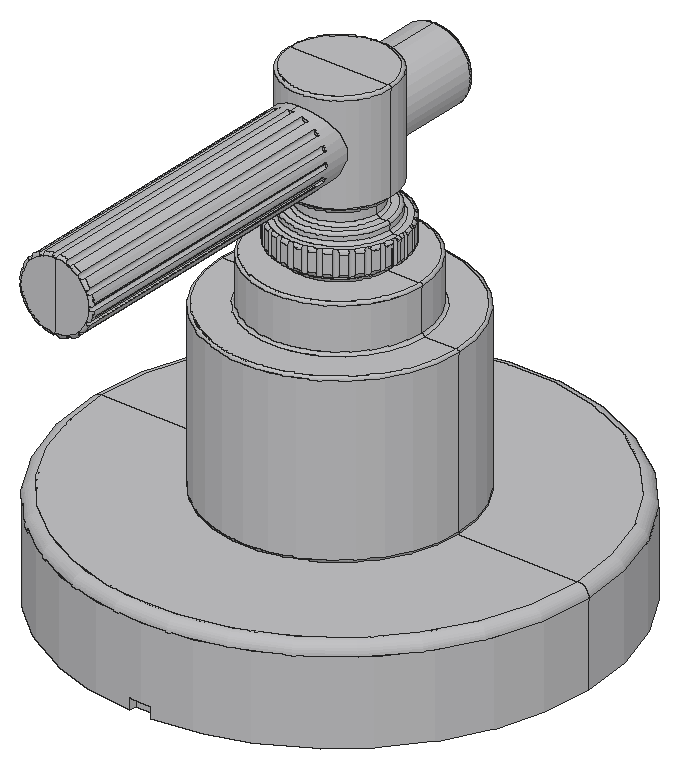
Revit family "Shower-Valve_Trim-KALLISTA-Central_Park_West-P21385_1", category Specialty Equipment, host Face, Revit 2021
Family settings
  Host = Face
  Round Connector Dimension = Use Diameter
  Part Type = Normal
  OmniClass Number = 23.31.25.00
  OmniClass Title = Toilet and Bath Specialties
  Cut with Voids When Loaded = No
  Shared = No
  Room Calculation Point = No
Parameters (values of type "CP-Chrome")
  Width = 3.75197"  # constant formula
  WaterSense Certified = 1 = 0  # no
  URL = "https://www.kallista.com/"
  Type = 4
  Product Page URL = "https://www.kallista.com/bathroom/showering/shower-trim/central-park-west-transfer-trim-lever-handle-p21385-lv-cp"
  Product Name = "Central Park West"  # constant formula
  Product Documentation Link = "https://resources.kohler.com/interiors/kallista/pdf/1377370-4.pdf"
  Model = if(Type = 1, "P21385-LV-BAF", if(Type = 2, "P21385-LV-BN", if(Type = 3, "P21385-LV-BV", if(Type = 4, "P21385-LV-CP", if(Type = 5, "P21385-LV-SN", if(Type = 6, "P21385-LV-ULB", "NA"))))))  # "P21385-LV-CP"
  Material = "Premium Metal Construction"  # constant formula
  Master Format 2014 Name = "Toilet, Bath, and Laundry Accessories"  # constant formula
  Master Format 2014 = "10 28 00"  # constant formula
  Manufacturer Address = "444 Highland Dr, Kohler, WI 53044"  # constant formula
  Manufacturer = "Kallista Co."  # constant formula
  Length = 3.55118"  # constant formula
  Height = 3.75197"  # constant formula
  Handle Clearance = 2.67717"  # constant formula
  Finish = Kallista-Metal-CP-Chrome
  Environmental Product Declaration = ""
  Description = "Transfer Trim, Lever Handle"  # constant formula
  Default Elevation = 42"
  Declare Label = ""
  Date Modified = "11/02/2022"  # constant formula
  Date Created = "11/02/2022"  # constant formula
  Copyright = "Copyright Kallista Co."  # constant formula
  Contact Us = "https://www.kallista.com/corporate/contact-us/"
  Assembly Code = "C1030200"
  ADA Compliant = 1 = 1  # yes
Reference planes (in)
  plane 1 "Center (Front/Back)": y = 0
  plane 2: z = 0.0008
  plane 3 "Center (Left/Right)": x = 0
  plane 4: x = -1.87598
  plane 5: y = 0.90551
  plane 6: y = -2.67717
  plane 7: z = 3.45095
  plane 8: z = 2.89977
  plane 9: z = 3.17558
  plane 10: z = 0.70079
  plane 11: x = -0.27559
  plane 12: y = -1.87598
  plane 13: y = 1.87598
  plane 14: x = 1.87598
  plane 15: z = 3.55158
  plane 16: x = 0.27559
  plane 17: x = 0.89961
  plane 18: x = -0.89961
  plane 19: y = -0.89961
  plane 20: y = 0.89961
Dimensions and locks (in)
  level to plane 10 = 0.70039"
  "Height": plane 13 to plane 12
  plane 5 to plane 6 = 3.58268"
  plane 8 to plane 7 = 0.55118"
  "Handle Clearance": plane 1 "Center (Front/Back)" to plane 6
  "Width": plane 4 to plane 14
  "Length": level to plane 15
  plane 11 to plane 16 = 0.55118"
  plane 17 to plane 18 = 1.79921"
  plane 20 to plane 19 = 1.79921"
  aligned and locked: plane 2 to host face
  aligned and locked: level to host face
  aligned and locked: plane 3 "Center (Left/Right)" to nested 1
  aligned and locked: plane 1 "Center (Front/Back)" to nested 1
Automatic sketch dimensions
  host sketch curve to host sketch curve = 96"  (x2)
Nested families (in)
  nested 1: "P21385" at (0, 0, 0.0004), type "P21385"
Definition of nested family "P21385"
  Parameters (values of type "P21385")
    Material = none
    Default Elevation = 0"
  Reference planes (in)
    plane 1 "Center (Front/Back)": y = 0
    plane 2: z = 0
    plane 3 "Center (Left/Right)": x = 0
    plane 4: x = 0.89961
    plane 5: x = -0.89961
    plane 6: z = 0.70079
    plane 7: x = 1.87598
    plane 8: x = -1.87598
    plane 9: x = 0.27559
    plane 10: z = 3.55118
    plane 11: y = -2.67717
    plane 12: y = 0.90551
    plane 13: z = 3.17558
    plane 14: y = -1.87598
    plane 15: y = 1.87598
    plane 16: y = -0.89961
    plane 17: y = 0.89961
    plane 18: z = 3.45095
    plane 19: z = 2.89977
    plane 20: x = -0.27559
  Forms (in)
    Revolve 1, solid, material <- "Material", detail levels medium+fine
      sketch origin (0, 0, 0) x (1, 0, 0) y (0, 0, 1)
        loop
          arc (1.87598, 0.61542) -> (1.85098, 0.67578) -> (1.79062, 0.70079) r 0.08537
          line (1.79062, 0.70079) -> (0.87992, 0.70079)
          arc (0.87992, 0.70079) -> (0.89384, 0.70655) -> (0.89961, 0.72047) r 0.01969
          line (0.89961, 0.72047) -> (0.89961, 1.92996)
          arc (0.89961, 1.92996) -> (0.89387, 1.94381) -> (0.88002, 1.94954) r 0.01958
          line (0.88002, 1.94954) -> (0.64049, 1.94954)
          arc (0.64049, 1.94954) -> (0.62634, 1.9554) -> (0.62047, 1.96956) r 0.02002
          line (0.62047, 1.96956) -> (0.62047, 2.27951)
          arc (0.62047, 2.27951) -> (0.61471, 2.29343) -> (0.60079, 2.2992) r 0.01969
          line (0.60079, 2.2992) -> (0.35419, 2.2992)
          arc (0.35419, 2.2992) -> (0.36985, 2.30569) -> (0.37634, 2.32136) r 0.02216
          line (0.37634, 2.32136) -> (0.37634, 2.35749)
          arc (0.37634, 2.35749) -> (0.38211, 2.3714) -> (0.39603, 2.37717) r 0.01969
          line (0.39603, 2.37717) -> (0.4422, 2.37717)
          arc (0.4422, 2.37717) -> (0.45612, 2.38294) -> (0.46188, 2.39686) r 0.01969
          line (0.46188, 2.39686) -> (0.46188, 2.53775)
          arc (0.46188, 2.53775) -> (0.45612, 2.55167) -> (0.4422, 2.55744) r 0.01969
          line (0.4422, 2.55744) -> (0.39732, 2.55744)
          arc (0.39732, 2.55744) -> (0.38254, 2.56356) -> (0.37642, 2.57833) r 0.02089
          line (0.37642, 2.57833) -> (0.37642, 2.61141)
          arc (0.37642, 2.61141) -> (0.37037, 2.62603) -> (0.35575, 2.63208) r 0.02067
          line (0.35575, 2.63208) -> (0.29867, 2.63208)
          arc (0.29867, 2.63208) -> (0.28431, 2.63803) -> (0.27836, 2.65239) r 0.02031
          line (0.27836, 2.65239) -> (0.27836, 2.74523) -> (0.31726, 2.74523)
          arc (0.31726, 2.74523) -> (0.33118, 2.75099) -> (0.33694, 2.76491) r 0.01969
          line (0.33694, 2.76491) -> (0.33694, 2.80443) -> (0.38759, 2.80443) -> (0.38759, 3.5315)
          arc (0.38759, 3.5315) -> (0.38182, 3.54542) -> (0.3679, 3.55118) r 0.01969
          line (0.3679, 3.55118) -> (0, 3.55118) -> (0, 2.32049) -> (0, 0) -> (1.87598, 0) -> (1.87598, 0.61542)
        axis (0, 3.55118) -> (0, 0)
      angle from 0 to 360
    Extrusion 2, void
      sketch origin (0, 0, 0) x (1, 0, 0) y (0, 0, 1)
        loop
          line (-0.08, -0.0123) -> (0.07999, -0.0123) -> (0.07999, 0.08) -> (-0.08, 0.08) -> (-0.08, -0.0123)
      from 1.81751 to 2.1584
    Extrusion 3, void
      sketch origin (0, 0, 0) x (1, 0, 0) y (0, 1, 0)
        loop
          line (-0.01972, -0.4615) -> (-0.01972, -0.4989) -> (0.01972, -0.4989) -> (0.01965, -0.4615)
          arc (0.01965, -0.4615) -> (-0.00003, -0.44181) -> (-0.01972, -0.4615) r 0.01969
      from 2.35437 to 2.61744
    Extrusion 4, void
      sketch origin (0, 0, 0) x (0.978148, 0.207912, 0) y (-0.207912, 0.978148, 0)
        loop
          line (-0.01972, -0.4615) -> (-0.01972, -0.4989) -> (0.01972, -0.4989) -> (0.01965, -0.4615)
          arc (0.01965, -0.4615) -> (-0.00003, -0.44181) -> (-0.01972, -0.4615) r 0.01969
      from 2.35437 to 2.61744
    Extrusion 5, void
      sketch origin (0, 0, 0) x (0.913545, 0.406737, 0) y (-0.406737, 0.913545, 0)
        loop
          line (-0.01972, -0.4615) -> (-0.01972, -0.4989) -> (0.01972, -0.4989) -> (0.01965, -0.4615)
          arc (0.01965, -0.4615) -> (-0.00003, -0.44181) -> (-0.01972, -0.4615) r 0.01969
      from 2.35437 to 2.61744
    Extrusion 6, void
      sketch origin (0, 0, 0) x (0.809017, 0.587785, 0) y (-0.587785, 0.809017, 0)
        loop
          line (-0.01972, -0.4615) -> (-0.01972, -0.4989) -> (0.01972, -0.4989) -> (0.01965, -0.4615)
          arc (0.01965, -0.4615) -> (-0.00003, -0.44181) -> (-0.01972, -0.4615) r 0.01969
      from 2.35437 to 2.61744
    Extrusion 7, void
      sketch origin (0, 0, 0) x (0.669131, 0.743145, 0) y (-0.743145, 0.669131, 0)
        loop
          line (-0.01972, -0.4615) -> (-0.01972, -0.4989) -> (0.01972, -0.4989) -> (0.01965, -0.4615)
          arc (0.01965, -0.4615) -> (-0.00003, -0.44181) -> (-0.01972, -0.4615) r 0.01969
      from 2.35437 to 2.61744
    Extrusion 8, void
      sketch origin (0, 0, 0) x (-0.978148, 0.207912, 0) y (-0.207912, -0.978148, 0)
        loop
          arc (-0.01972, 0.4615) -> (-0.00003, 0.44181) -> (0.01965, 0.4615) r 0.01969
          line (0.01965, 0.4615) -> (0.01972, 0.4989) -> (-0.01972, 0.4989) -> (-0.01972, 0.4615)
      from 2.35437 to 2.61744
    Extrusion 9, void
      sketch origin (0, 0, 0) x (-0.913545, 0.406737, 0) y (-0.406737, -0.913545, 0)
        loop
          arc (-0.01972, 0.4615) -> (-0.00003, 0.44181) -> (0.01965, 0.4615) r 0.01969
          line (0.01965, 0.4615) -> (0.01972, 0.4989) -> (-0.01972, 0.4989) -> (-0.01972, 0.4615)
      from 2.35437 to 2.61744
    Extrusion 10, void
      sketch origin (0, 0, 0) x (-0.809017, 0.587785, 0) y (-0.587785, -0.809017, 0)
        loop
          arc (-0.01972, 0.4615) -> (-0.00003, 0.44181) -> (0.01965, 0.4615) r 0.01969
          line (0.01965, 0.4615) -> (0.01972, 0.4989) -> (-0.01972, 0.4989) -> (-0.01972, 0.4615)
      from 2.35437 to 2.61744
    Extrusion 11, void
      sketch origin (0, 0, 0) x (-0.669131, 0.743145, 0) y (-0.743145, -0.669131, 0)
        loop
          arc (-0.01972, 0.4615) -> (-0.00003, 0.44181) -> (0.01965, 0.4615) r 0.01969
          line (0.01965, 0.4615) -> (0.01972, 0.4989) -> (-0.01972, 0.4989) -> (-0.01972, 0.4615)
      from 2.35437 to 2.61744
    Extrusion 12, void
      sketch origin (0, 0, 0) x (1, 0, 0) y (0, 1, 0)
        loop
          arc (-0.01972, 0.4615) -> (-0.00003, 0.44181) -> (0.01965, 0.4615) r 0.01969
          line (0.01965, 0.4615) -> (0.01972, 0.4989) -> (-0.01972, 0.4989) -> (-0.01972, 0.4615)
      from 2.35437 to 2.61744
    Extrusion 13, void
      sketch origin (0, 0, 0) x (0.978148, -0.207912, 0) y (0.207912, 0.978148, 0)
        loop
          arc (-0.01972, 0.4615) -> (-0.00003, 0.44181) -> (0.01965, 0.4615) r 0.01969
          line (0.01965, 0.4615) -> (0.01972, 0.4989) -> (-0.01972, 0.4989) -> (-0.01972, 0.4615)
      from 2.35437 to 2.61744
    Extrusion 14, void
      sketch origin (0, 0, 0) x (0.913545, -0.406737, 0) y (0.406737, 0.913545, 0)
        loop
          arc (-0.01972, 0.4615) -> (-0.00003, 0.44181) -> (0.01965, 0.4615) r 0.01969
          line (0.01965, 0.4615) -> (0.01972, 0.4989) -> (-0.01972, 0.4989) -> (-0.01972, 0.4615)
      from 2.35437 to 2.61744
    Extrusion 15, void
      sketch origin (0, 0, 0) x (0.809017, -0.587785, 0) y (0.587785, 0.809017, 0)
        loop
          arc (-0.01972, 0.4615) -> (-0.00003, 0.44181) -> (0.01965, 0.4615) r 0.01969
          line (0.01965, 0.4615) -> (0.01972, 0.4989) -> (-0.01972, 0.4989) -> (-0.01972, 0.4615)
      from 2.35437 to 2.61744
    Extrusion 16, void
      sketch origin (0, 0, 0) x (0.669131, -0.743145, 0) y (0.743145, 0.669131, 0)
        loop
          arc (-0.01972, 0.4615) -> (-0.00003, 0.44181) -> (0.01965, 0.4615) r 0.01969
          line (0.01965, 0.4615) -> (0.01972, 0.4989) -> (-0.01972, 0.4989) -> (-0.01972, 0.4615)
      from 2.35437 to 2.61744
    Extrusion 17, void
      sketch origin (0, 0, 0) x (-0.978148, -0.207912, 0) y (0.207912, -0.978148, 0)
        loop
          line (-0.01972, -0.4615) -> (-0.01972, -0.4989) -> (0.01972, -0.4989) -> (0.01965, -0.4615)
          arc (0.01965, -0.4615) -> (-0.00003, -0.44181) -> (-0.01972, -0.4615) r 0.01969
      from 2.35437 to 2.61744
    Extrusion 18, void
      sketch origin (0, 0, 0) x (-0.913545, -0.406737, 0) y (0.406737, -0.913545, 0)
        loop
          line (-0.01972, -0.4615) -> (-0.01972, -0.4989) -> (0.01972, -0.4989) -> (0.01965, -0.4615)
          arc (0.01965, -0.4615) -> (-0.00003, -0.44181) -> (-0.01972, -0.4615) r 0.01969
      from 2.35437 to 2.61744
    Extrusion 19, void
      sketch origin (0, 0, 0) x (-0.809017, -0.587785, 0) y (0.587785, -0.809017, 0)
        loop
          line (-0.01972, -0.4615) -> (-0.01972, -0.4989) -> (0.01972, -0.4989) -> (0.01965, -0.4615)
          arc (0.01965, -0.4615) -> (-0.00003, -0.44181) -> (-0.01972, -0.4615) r 0.01969
      from 2.35437 to 2.61744
    Extrusion 20, void
      sketch origin (0, 0, 0) x (-0.669131, -0.743145, 0) y (0.743145, -0.669131, 0)
        loop
          line (-0.01972, -0.4615) -> (-0.01972, -0.4989) -> (0.01972, -0.4989) -> (0.01965, -0.4615)
          arc (0.01965, -0.4615) -> (-0.00003, -0.44181) -> (-0.01972, -0.4615) r 0.01969
      from 2.35437 to 2.61744
    Extrusion 21, void
      sketch origin (0, 0, 0) x (0.5, -0.866025, 0) y (0.866025, 0.5, 0)
        loop
          arc (-0.01972, 0.4615) -> (-0.00003, 0.44181) -> (0.01965, 0.4615) r 0.01969
          line (0.01965, 0.4615) -> (0.01972, 0.4989) -> (-0.01972, 0.4989) -> (-0.01972, 0.4615)
      from 2.35437 to 2.61744
    Extrusion 22, void
      sketch origin (0, 0, 0) x (0.309017, -0.951057, 0) y (0.951057, 0.309017, 0)
        loop
          arc (-0.01972, 0.4615) -> (-0.00003, 0.44181) -> (0.01965, 0.4615) r 0.01969
          line (0.01965, 0.4615) -> (0.01972, 0.4989) -> (-0.01972, 0.4989) -> (-0.01972, 0.4615)
      from 2.35437 to 2.61744
    Extrusion 23, void
      sketch origin (0, 0, 0) x (0.104528, -0.994522, 0) y (0.994522, 0.104528, 0)
        loop
          arc (-0.01972, 0.4615) -> (-0.00003, 0.44181) -> (0.01965, 0.4615) r 0.01969
          line (0.01965, 0.4615) -> (0.01972, 0.4989) -> (-0.01972, 0.4989) -> (-0.01972, 0.4615)
      from 2.35437 to 2.61744
    Extrusion 24, void
      sketch origin (0, 0, 0) x (1, 0, 0) y (0, 1, 0)
        loop
          line (-0.46119, -0.0271) -> (-0.5094, -0.0271) -> (-0.5094, -0.07019) -> (-0.46119, -0.07019)
          arc (-0.46119, -0.07019) -> (-0.43965, -0.04865) -> (-0.46119, -0.0271) r 0.02155
      from 2.35437 to 2.74523
    Extrusion 25, void
      sketch origin (0, 0, 0) x (0.978148, 0.207912, 0) y (-0.207912, 0.978148, 0)
        loop
          line (-0.46119, -0.0271) -> (-0.5094, -0.0271) -> (-0.5094, -0.07019) -> (-0.46119, -0.07019)
          arc (-0.46119, -0.07019) -> (-0.43965, -0.04865) -> (-0.46119, -0.0271) r 0.02155
      from 2.35437 to 2.74523
    Extrusion 26, void
      sketch origin (0, 0, 0) x (0.913545, 0.406737, 0) y (-0.406737, 0.913545, 0)
        loop
          line (-0.46119, -0.0271) -> (-0.5094, -0.0271) -> (-0.5094, -0.07019) -> (-0.46119, -0.07019)
          arc (-0.46119, -0.07019) -> (-0.43965, -0.04865) -> (-0.46119, -0.0271) r 0.02155
      from 2.35437 to 2.74523
    Extrusion 27, void
      sketch origin (0, 0, 0) x (-1, 0, 0) y (0, -1, 0)
        loop
          arc (-0.46119, 0.0271) -> (-0.43965, 0.04865) -> (-0.46119, 0.07019) r 0.02155
          line (-0.46119, 0.07019) -> (-0.5094, 0.07019) -> (-0.5094, 0.0271) -> (-0.46119, 0.0271)
      from 2.35437 to 2.74523
    Extrusion 28, void
      sketch origin (0, 0, 0) x (-0.978148, 0.207912, 0) y (-0.207912, -0.978148, 0)
        loop
          arc (-0.46119, 0.0271) -> (-0.43965, 0.04865) -> (-0.46119, 0.07019) r 0.02155
          line (-0.46119, 0.07019) -> (-0.5094, 0.07019) -> (-0.5094, 0.0271) -> (-0.46119, 0.0271)
      from 2.35437 to 2.74523
    Extrusion 29, void
      sketch origin (0, 0, 0) x (-0.913545, 0.406737, 0) y (-0.406737, -0.913545, 0)
        loop
          arc (-0.46119, 0.0271) -> (-0.43965, 0.04865) -> (-0.46119, 0.07019) r 0.02155
          line (-0.46119, 0.07019) -> (-0.5094, 0.07019) -> (-0.5094, 0.0271) -> (-0.46119, 0.0271)
      from 2.35437 to 2.74523
    Extrusion 30, void
      sketch origin (0, 0, 0) x (1, 0, 0) y (0, 1, 0)
        loop
          arc (-0.46119, 0.0271) -> (-0.43965, 0.04865) -> (-0.46119, 0.07019) r 0.02155
          line (-0.46119, 0.07019) -> (-0.5094, 0.07019) -> (-0.5094, 0.0271) -> (-0.46119, 0.0271)
      from 2.35437 to 2.74523
    Extrusion 31, void
      sketch origin (0, 0, 0) x (0.978148, -0.207912, 0) y (0.207912, 0.978148, 0)
        loop
          arc (-0.46119, 0.0271) -> (-0.43965, 0.04865) -> (-0.46119, 0.07019) r 0.02155
          line (-0.46119, 0.07019) -> (-0.5094, 0.07019) -> (-0.5094, 0.0271) -> (-0.46119, 0.0271)
      from 2.35437 to 2.74523
    Extrusion 32, void
      sketch origin (0, 0, 0) x (0.913545, -0.406737, 0) y (0.406737, 0.913545, 0)
        loop
          arc (-0.46119, 0.0271) -> (-0.43965, 0.04865) -> (-0.46119, 0.07019) r 0.02155
          line (-0.46119, 0.07019) -> (-0.5094, 0.07019) -> (-0.5094, 0.0271) -> (-0.46119, 0.0271)
      from 2.35437 to 2.74523
    Revolve 33, solid, material <- "Material", detail levels medium+fine
      sketch origin (0, 0, 0) x (0, 1, 0) y (0, 0, 1)
        loop
          line (-2.67717, 3.43148) -> (-2.67717, 3.17558) -> (0.90551, 3.17558) -> (0.90551, 3.43148)
          arc (0.90551, 3.43148) -> (0.89975, 3.4454) -> (0.88583, 3.45117) r 0.01969
          line (0.88583, 3.45117) -> (-2.65748, 3.45117)
          arc (-2.65748, 3.45117) -> (-2.6714, 3.4454) -> (-2.67717, 3.43148) r 0.01969
        axis (0.90551, 3.17558) -> (-2.67717, 3.17558)
      angle from 0 to 360
    Extrusion 34, void
      sketch origin (0, 0, 0) x (1, 0, 0) y (0, 0, 1)
        loop
          line (-0.27559, 3.1949) -> (-0.32596, 3.1949) -> (-0.32596, 3.15581) -> (-0.27559, 3.15581)
          arc (-0.27559, 3.15581) -> (-0.25605, 3.17536) -> (-0.27559, 3.1949) r 0.01954
      from 0.46146 to 3.03936
    Extrusion 35, void
      sketch origin (-1.21516, 0, 0.24171) x (0.92388, 0, -0.382683) y (0.382683, 0, 0.92388)
        loop
          line (-0.27559, 3.1949) -> (-0.32596, 3.1949) -> (-0.32596, 3.15581) -> (-0.27559, 3.15581)
          arc (-0.27559, 3.15581) -> (-0.25605, 3.17536) -> (-0.27559, 3.1949) r 0.01954
      from 0.45548 to 3.03936
    Extrusion 36, void
      sketch origin (-1.21516, 0, 6.109) x (0.92388, 0, 0.382683) y (-0.382683, 0, 0.92388)
        loop
          arc (-0.27559, -3.1949) -> (-0.25605, -3.17536) -> (-0.27559, -3.15581) r 0.01954
          line (-0.27559, -3.15581) -> (-0.32596, -3.15581) -> (-0.32596, -3.1949) -> (-0.27559, -3.1949)
      from 0.46146 to 3.03936
    Extrusion 37, void
      sketch origin (1.21516, 0, 0.24171) x (-0.92388, 0, -0.382683) y (0.382683, 0, -0.92388)
        loop
          arc (-0.27559, -3.1949) -> (-0.25605, -3.17536) -> (-0.27559, -3.15581) r 0.01954
          line (-0.27559, -3.15581) -> (-0.32596, -3.15581) -> (-0.32596, -3.1949) -> (-0.27559, -3.1949)
      from 0.46146 to 3.03936
    Extrusion 38, void
      sketch origin (1.21516, 0, 6.109) x (-0.92388, 0, 0.382683) y (-0.382683, 0, -0.92388)
        loop
          line (-0.27559, 3.1949) -> (-0.32596, 3.1949) -> (-0.32596, 3.15581) -> (-0.27559, 3.15581)
          arc (-0.27559, 3.15581) -> (-0.25605, 3.17536) -> (-0.27559, 3.1949) r 0.01954
      from 0.46146 to 3.03936
    Extrusion 39, void
      sketch origin (0, 0, 0) x (-1, 0, 0) y (0, 0, -1)
        loop
          arc (-0.27559, -3.1949) -> (-0.25605, -3.17536) -> (-0.27559, -3.15581) r 0.01954
          line (-0.27559, -3.15581) -> (-0.32596, -3.15581) -> (-0.32596, -3.1949) -> (-0.27559, -3.1949)
      from 0.46146 to 3.03936
    Extrusion 40, void
      sketch origin (2.24532, 0, 0.93004) x (-0.707107, 0, -0.707107) y (0.707107, 0, -0.707107)
        loop
          arc (-0.27559, -3.19701) -> (-0.25394, -3.17536) -> (-0.27559, -3.1537) r 0.02165
          line (-0.27559, -3.1537) -> (-0.32596, -3.1537) -> (-0.32596, -3.19701) -> (-0.27559, -3.19701)
      from 0.46146 to 3.03936
    Extrusion 41, void
      sketch origin (2.93365, 0, 1.9602) x (-0.382683, 0, -0.92388) y (0.92388, 0, -0.382683)
        loop
          arc (-0.27559, -3.19701) -> (-0.25394, -3.17536) -> (-0.27559, -3.1537) r 0.02165
          line (-0.27559, -3.1537) -> (-0.32596, -3.1537) -> (-0.32596, -3.19701) -> (-0.27559, -3.19701)
      from 0.46146 to 3.03936
    Extrusion 42, void
      sketch origin (-2.24532, 0, 0.93004) x (0.707107, 0, -0.707107) y (0.707107, 0, 0.707107)
        loop
          line (-0.27559, 3.19701) -> (-0.32596, 3.19701) -> (-0.32596, 3.1537) -> (-0.27559, 3.1537)
          arc (-0.27559, 3.1537) -> (-0.25394, 3.17536) -> (-0.27559, 3.19701) r 0.02165
      from 0.46146 to 3.03936
    Extrusion 43, void
      sketch origin (-2.93365, 0, 1.9602) x (0.382683, 0, -0.92388) y (0.92388, 0, 0.382683)
        loop
          line (-0.27559, 3.19701) -> (-0.32596, 3.19701) -> (-0.32596, 3.1537) -> (-0.27559, 3.1537)
          arc (-0.27559, 3.1537) -> (-0.25394, 3.17536) -> (-0.27559, 3.19701) r 0.02165
      from 0.46146 to 3.03936
    Extrusion 44, void
      sketch origin (2.24532, 0, 5.42067) x (-0.707107, 0, 0.707107) y (-0.707107, 0, -0.707107)
        loop
          line (-0.27559, 3.19701) -> (-0.32596, 3.19701) -> (-0.32596, 3.1537) -> (-0.27559, 3.1537)
          arc (-0.27559, 3.1537) -> (-0.25394, 3.17536) -> (-0.27559, 3.19701) r 0.02165
      from 0.45548 to 3.03936
    Extrusion 45, void
      sketch origin (2.93365, 0, 4.39051) x (-0.382683, 0, 0.92388) y (-0.92388, 0, -0.382683)
        loop
          line (-0.27559, 3.19701) -> (-0.32596, 3.19701) -> (-0.32596, 3.1537) -> (-0.27559, 3.1537)
          arc (-0.27559, 3.1537) -> (-0.25394, 3.17536) -> (-0.27559, 3.19701) r 0.02165
      from 0.46146 to 3.03936
    Extrusion 46, void
      sketch origin (-2.24532, 0, 5.42067) x (0.707107, 0, 0.707107) y (-0.707107, 0, 0.707107)
        loop
          arc (-0.27559, -3.19701) -> (-0.25394, -3.17536) -> (-0.27559, -3.1537) r 0.02165
          line (-0.27559, -3.1537) -> (-0.32596, -3.1537) -> (-0.32596, -3.19701) -> (-0.27559, -3.19701)
      from 0.45548 to 3.03936
    Extrusion 47, void
      sketch origin (-2.93365, 0, 4.39051) x (0.382683, 0, 0.92388) y (-0.92388, 0, 0.382683)
        loop
          arc (-0.27559, -3.19701) -> (-0.25394, -3.17536) -> (-0.27559, -3.1537) r 0.02165
          line (-0.27559, -3.1537) -> (-0.32596, -3.1537) -> (-0.32596, -3.19701) -> (-0.27559, -3.19701)
      from 0.45548 to 3.03936
    Extrusion 48, void
      sketch origin (-3.17536, 0, 3.17536) x (0, 0, -1) y (1, 0, 0)
        loop
          circle (-0.27559, 3.17536) r 0.02008
      from 0.46146 to 3.03936
    Extrusion 49, void
      sketch origin (-3.17536, 0, 3.17536) x (0, 0, 1) y (-1, 0, 0)
        loop
          circle (-0.27559, -3.17536) r 0.01969
      from 0.45548 to 3.03936
    Revolve 50, solid, material <- "Material", detail levels coarse
      sketch origin (0, 0, 0) x (1, 0, 0) y (0, 0, 1)
        loop
          line (0, 0) -> (1.87598, 0) -> (1.87598, 0.70079) -> (0.89961, 0.70079) -> (0.89961, 2.2983) -> (0.38759, 2.2983) -> (0.38759, 3.55118) -> (0, 3.55118) -> (0, 2.2983) -> (0, 0)
        axis (0, 3.55118) -> (0, 0)
      angle from 0 to 360
    Extrusion 51, solid, material <- "Material", detail levels coarse
      sketch origin (0, 0, 0) x (1, 0, 0) y (0, 0, 1)
        loop
          circle (0, 3.17536) r 0.27559
      from -0.90551 to 2.67717
  Cuts and joins
    Extrusion 2, Extrusion 3, Extrusion 4, Extrusion 5, Extrusion 6, Extrusion 7, Extrusion 8, Extrusion 9, Extrusion 10, Extrusion 11, Extrusion 12, Extrusion 13, Extrusion 14, Extrusion 15, Extrusion 16, Extrusion 17, Extrusion 18, Extrusion 19, Extrusion 20, Extrusion 21, Extrusion 22, Extrusion 23, Extrusion 24, Extrusion 25, Extrusion 26, Extrusion 27, Extrusion 28, Extrusion 29, Extrusion 30, Extrusion 31, Extrusion 32 cuts Revolve 1
    Extrusion 34, Extrusion 35, Extrusion 36, Extrusion 37, Extrusion 38, Extrusion 39, Extrusion 40, Extrusion 41, Extrusion 42, Extrusion 43, Extrusion 44, Extrusion 45, Extrusion 46, Extrusion 47, Extrusion 48, Extrusion 49 cuts Revolve 33
    joined: Revolve 1, Revolve 33
    joined: Revolve 50, Extrusion 51
  Lines and regions (in)
    Masking region 1
      outline origin (0, 0, 0) x (1, 0, 0) y (0, 0, 1)
        loop
          arc (1.87598, 0.61542) -> (1.85098, 0.67578) -> (1.79062, 0.70079) r 0.08537
          line (1.79062, 0.70079) -> (0.87992, 0.70079)
          arc (0.87992, 0.70079) -> (0.89384, 0.70655) -> (0.89961, 0.72047) r 0.01969
          line (0.89961, 0.72047) -> (0.89961, 1.92996)
          arc (0.89961, 1.92996) -> (0.89387, 1.94381) -> (0.88002, 1.94954) r 0.01958
          line (0.88002, 1.94954) -> (0.64049, 1.94954)
          arc (0.64049, 1.94954) -> (0.62634, 1.9554) -> (0.62047, 1.96956) r 0.02002
          line (0.62047, 1.96956) -> (0.62047, 2.27951)
          arc (0.62047, 2.27951) -> (0.61471, 2.29343) -> (0.60079, 2.2992) r 0.01969
          line (0.60079, 2.2992) -> (0.35729, 2.2992)
          arc (0.35729, 2.2992) -> (0.37088, 2.30621) -> (0.37634, 2.32049) r 0.02142
          line (0.37634, 2.32049) -> (0.37634, 2.35749)
          arc (0.37634, 2.35749) -> (0.38211, 2.3714) -> (0.39603, 2.37717) r 0.01969
          line (0.39603, 2.37717) -> (0.4422, 2.37717)
          arc (0.4422, 2.37717) -> (0.45612, 2.38294) -> (0.46188, 2.39686) r 0.01969
          line (0.46188, 2.39686) -> (0.46188, 2.53775)
          arc (0.46188, 2.53775) -> (0.45612, 2.55167) -> (0.4422, 2.55744) r 0.01969
          line (0.4422, 2.55744) -> (0.39611, 2.55744)
          arc (0.39611, 2.55744) -> (0.38219, 2.5632) -> (0.37642, 2.57712) r 0.01969
          line (0.37642, 2.57712) -> (0.37642, 2.6135)
          arc (0.37642, 2.6135) -> (0.37069, 2.62733) -> (0.35686, 2.63306) r 0.01956
          line (0.35686, 2.63306) -> (0.29805, 2.63306)
          arc (0.29805, 2.63306) -> (0.28413, 2.63883) -> (0.27836, 2.65275) r 0.01969
          line (0.27836, 2.65275) -> (0.27836, 2.74523) -> (0.31726, 2.74523)
          arc (0.31726, 2.74523) -> (0.33118, 2.75099) -> (0.33694, 2.76491) r 0.01969
          line (0.33694, 2.76491) -> (0.33694, 2.80443) -> (0.38759, 2.80443) -> (0.38759, 3.5315)
          arc (0.38759, 3.5315) -> (0.38182, 3.54542) -> (0.3679, 3.55118) r 0.01969
          line (0.3679, 3.55118) -> (0, 3.55118) -> (-0.3679, 3.55118)
          arc (-0.3679, 3.55118) -> (-0.38182, 3.54542) -> (-0.38759, 3.5315) r 0.01969
          line (-0.38759, 3.5315) -> (-0.38759, 2.80443) -> (-0.33694, 2.80443) -> (-0.33694, 2.76491)
          arc (-0.33694, 2.76491) -> (-0.33118, 2.75099) -> (-0.31726, 2.74523) r 0.01969
          line (-0.31726, 2.74523) -> (-0.27836, 2.74523) -> (-0.27836, 2.65275)
          arc (-0.27836, 2.65275) -> (-0.28413, 2.63883) -> (-0.29805, 2.63306) r 0.01969
          line (-0.29805, 2.63306) -> (-0.35686, 2.63306)
          arc (-0.35686, 2.63306) -> (-0.37069, 2.62733) -> (-0.37642, 2.6135) r 0.01956
          line (-0.37642, 2.6135) -> (-0.37642, 2.57712)
          arc (-0.37642, 2.57712) -> (-0.38219, 2.5632) -> (-0.39611, 2.55744) r 0.01969
          line (-0.39611, 2.55744) -> (-0.4422, 2.55744)
          arc (-0.4422, 2.55744) -> (-0.45612, 2.55167) -> (-0.46188, 2.53775) r 0.01969
          line (-0.46188, 2.53775) -> (-0.46188, 2.39686)
          arc (-0.46188, 2.39686) -> (-0.45612, 2.38294) -> (-0.4422, 2.37717) r 0.01969
          line (-0.4422, 2.37717) -> (-0.39603, 2.37717)
          arc (-0.39603, 2.37717) -> (-0.38211, 2.3714) -> (-0.37634, 2.35749) r 0.01969
          line (-0.37634, 2.35749) -> (-0.37634, 2.32049)
          arc (-0.37634, 2.32049) -> (-0.37088, 2.30621) -> (-0.35729, 2.2992) r 0.02142
          line (-0.35729, 2.2992) -> (-0.60079, 2.2992)
          arc (-0.60079, 2.2992) -> (-0.61471, 2.29343) -> (-0.62047, 2.27951) r 0.01969
          line (-0.62047, 2.27951) -> (-0.62047, 1.96956)
          arc (-0.62047, 1.96956) -> (-0.62634, 1.9554) -> (-0.64049, 1.94954) r 0.02002
          line (-0.64049, 1.94954) -> (-0.88002, 1.94954)
          arc (-0.88002, 1.94954) -> (-0.89387, 1.94381) -> (-0.89961, 1.92996) r 0.01958
          line (-0.89961, 1.92996) -> (-0.89961, 0.72047)
          arc (-0.89961, 0.72047) -> (-0.89384, 0.70655) -> (-0.87992, 0.70079) r 0.01969
          line (-0.87992, 0.70079) -> (-1.79062, 0.70079)
          arc (-1.79062, 0.70079) -> (-1.85098, 0.67578) -> (-1.87598, 0.61542) r 0.08537
          line (-1.87598, 0.61542) -> (-1.87598, 0) -> (0, 0) -> (1.87598, 0) -> (1.87598, 0.61542)
    Masking region 2
      outline origin (0, 0, 0) x (0, 1, 0) y (0, 0, 1)
        loop
          line (-1.87428, 0.61542) -> (-1.87428, 0) -> (0.00171, 0) -> (1.87428, 0) -> (1.87428, 0.61542)
          arc (1.87428, 0.61542) -> (1.84927, 0.67578) -> (1.78891, 0.70079) r 0.08537
          line (1.78891, 0.70079) -> (0.87822, 0.70079)
          arc (0.87822, 0.70079) -> (0.89213, 0.70655) -> (0.8979, 0.72047) r 0.01969
          line (0.8979, 0.72047) -> (0.8979, 1.92996)
          arc (0.8979, 1.92996) -> (0.89216, 1.94381) -> (0.87832, 1.94954) r 0.01958
          line (0.87832, 1.94954) -> (0.63879, 1.94954)
          arc (0.63879, 1.94954) -> (0.62463, 1.9554) -> (0.61877, 1.96956) r 0.02002
          line (0.61877, 1.96956) -> (0.61877, 2.27951)
          arc (0.61877, 2.27951) -> (0.613, 2.29343) -> (0.59908, 2.2992) r 0.01969
          line (0.59908, 2.2992) -> (0.35416, 2.2992)
          arc (0.35416, 2.2992) -> (0.36869, 2.30572) -> (0.37464, 2.32049) r 0.02131
          line (0.37464, 2.32049) -> (0.37464, 2.35749)
          arc (0.37464, 2.35749) -> (0.3804, 2.3714) -> (0.39432, 2.37717) r 0.01969
          line (0.39432, 2.37717) -> (0.44049, 2.37717)
          arc (0.44049, 2.37717) -> (0.45441, 2.38294) -> (0.46018, 2.39686) r 0.01969
          line (0.46018, 2.39686) -> (0.46018, 2.53775)
          arc (0.46018, 2.53775) -> (0.45441, 2.55167) -> (0.44049, 2.55744) r 0.01969
          line (0.44049, 2.55744) -> (0.3944, 2.55744)
          arc (0.3944, 2.55744) -> (0.38048, 2.5632) -> (0.37472, 2.57712) r 0.01969
          line (0.37472, 2.57712) -> (0.37472, 2.61078)
          arc (0.37472, 2.61078) -> (0.36819, 2.62653) -> (0.35243, 2.63306) r 0.02228
          line (0.35243, 2.63306) -> (0.29634, 2.63306)
          arc (0.29634, 2.63306) -> (0.28242, 2.63883) -> (0.27666, 2.65275) r 0.01969
          line (0.27666, 2.65275) -> (0.27666, 2.74523) -> (0.31555, 2.74523)
          arc (0.31555, 2.74523) -> (0.32947, 2.75099) -> (0.33524, 2.76491) r 0.01969
          line (0.33524, 2.76491) -> (0.33524, 2.80443) -> (0.38588, 2.80443) -> (0.38588, 2.89977) -> (0.88583, 2.89977)
          arc (0.88583, 2.89977) -> (0.89975, 2.90553) -> (0.90551, 2.91945) r 0.01969
          line (0.90551, 2.91945) -> (0.90551, 3.43126)
          arc (0.90551, 3.43126) -> (0.89975, 3.44518) -> (0.88583, 3.45095) r 0.01969
          line (0.88583, 3.45095) -> (0.38588, 3.45095) -> (0.38588, 3.5315)
          arc (0.38588, 3.5315) -> (0.38012, 3.54542) -> (0.3662, 3.55118) r 0.01969
          line (0.3662, 3.55118) -> (0.00171, 3.55118) -> (-0.3662, 3.55118)
          arc (-0.3662, 3.55118) -> (-0.38012, 3.54542) -> (-0.38588, 3.5315) r 0.01969
          line (-0.38588, 3.5315) -> (-0.38588, 3.45095) -> (-2.65748, 3.45095)
          arc (-2.65748, 3.45095) -> (-2.6714, 3.44518) -> (-2.67717, 3.43126) r 0.01969
          line (-2.67717, 3.43126) -> (-2.67717, 2.91945)
          arc (-2.67717, 2.91945) -> (-2.6714, 2.90553) -> (-2.65748, 2.89977) r 0.01969
          line (-2.65748, 2.89977) -> (-0.38588, 2.89977) -> (-0.38588, 2.80443) -> (-0.33524, 2.80443) -> (-0.33524, 2.76491)
          arc (-0.33524, 2.76491) -> (-0.32947, 2.75099) -> (-0.31555, 2.74523) r 0.01969
          line (-0.31555, 2.74523) -> (-0.27666, 2.74523) -> (-0.27666, 2.65275)
          arc (-0.27666, 2.65275) -> (-0.28242, 2.63883) -> (-0.29634, 2.63306) r 0.01969
          line (-0.29634, 2.63306) -> (-0.35243, 2.63306)
          arc (-0.35243, 2.63306) -> (-0.36819, 2.62653) -> (-0.37472, 2.61078) r 0.02228
          line (-0.37472, 2.61078) -> (-0.37472, 2.57712)
          arc (-0.37472, 2.57712) -> (-0.38048, 2.5632) -> (-0.3944, 2.55744) r 0.01969
          line (-0.3944, 2.55744) -> (-0.44049, 2.55744)
          arc (-0.44049, 2.55744) -> (-0.45441, 2.55167) -> (-0.46018, 2.53775) r 0.01969
          line (-0.46018, 2.53775) -> (-0.46018, 2.39686)
          arc (-0.46018, 2.39686) -> (-0.45441, 2.38294) -> (-0.44049, 2.37717) r 0.01969
          line (-0.44049, 2.37717) -> (-0.39432, 2.37717)
          arc (-0.39432, 2.37717) -> (-0.3804, 2.3714) -> (-0.37464, 2.35749) r 0.01969
          line (-0.37464, 2.35749) -> (-0.37464, 2.32049)
          arc (-0.37464, 2.32049) -> (-0.36869, 2.30572) -> (-0.35416, 2.2992) r 0.02131
          line (-0.35416, 2.2992) -> (-0.59908, 2.2992)
          arc (-0.59908, 2.2992) -> (-0.613, 2.29343) -> (-0.61877, 2.27951) r 0.01969
          line (-0.61877, 2.27951) -> (-0.61877, 1.96956)
          arc (-0.61877, 1.96956) -> (-0.62463, 1.9554) -> (-0.63879, 1.94954) r 0.02002
          line (-0.63879, 1.94954) -> (-0.87832, 1.94954)
          arc (-0.87832, 1.94954) -> (-0.89216, 1.94381) -> (-0.8979, 1.92996) r 0.01958
          line (-0.8979, 1.92996) -> (-0.8979, 0.72047)
          arc (-0.8979, 0.72047) -> (-0.89213, 0.70655) -> (-0.87822, 0.70079) r 0.01969
          line (-0.87822, 0.70079) -> (-1.78891, 0.70079)
          arc (-1.78891, 0.70079) -> (-1.84927, 0.67578) -> (-1.87428, 0.61542) r 0.08537
    Masking region 3
      outline origin (0, 0, 0) x (1, 0, 0) y (0, 1, 0)
        loop
          arc (0.27491, -1.85573) -> (0, 1.87598) -> (-0.27491, -1.85573) r 1.87598
          line (-0.27491, -1.85573) -> (-0.27491, -2.65748)
          arc (-0.27491, -2.65748) -> (-0.26915, -2.6714) -> (-0.25523, -2.67717) r 0.01969
          line (-0.25523, -2.67717) -> (0.25523, -2.67717)
          arc (0.25523, -2.67717) -> (0.26915, -2.6714) -> (0.27491, -2.65748) r 0.01969
          line (0.27491, -2.65748) -> (0.27491, -1.85573)
    symbolic lines, detail levels medium+fine
      curve 1: circle (0, 0, 3.17536) r 0.27581 normal (0, -1, 0)
      curve 2: line (0.33694, 0, 2.80443) -> (-0.33694, 0, 2.80443)
      curve 3: line (0.27836, 0, 2.74523) -> (-0.27836, 0, 2.74523)
      curve 4: line (0.29805, 0, 2.63306) -> (-0.29805, 0, 2.63306)
      curve 5: line (0.39611, 0, 2.55744) -> (-0.39611, 0, 2.55744)
      curve 6: line (0.39398, 0, 2.37717) -> (-0.39398, 0, 2.37717)
      curve 7: line (-0.35729, 0, 2.2992) -> (0.35729, 0, 2.2992)
      curve 8: line (0.87992, 0, 0.70079) -> (-0.87992, 0, 0.70079)
      curve 9: line (0.64049, 0, 1.94954) -> (-0.64049, 0, 1.94954)
      curve 10: spline (0.43941, 0, 2.55718) -> (0.44136, 0, 2.55772) -> (0.44336, 0, 2.55785) -> (0.44534, 0, 2.55757) -> (0.44729, 0, 2.55687) -> (0.44914, 0, 2.55578) -> (0.45087, 0, 2.55431) -> (0.45244, 0, 2.5525) -> (0.45382, 0, 2.55039) -> (0.45497, 0, 2.54802) -> (0.45588, 0, 2.54543) -> (0.45652, 0, 2.5427) -> (0.45687, 0, 2.53986)
      curve 11: spline (0.42017, 0, 2.55752) -> (0.42162, 0, 2.55784) -> (0.42308, 0, 2.55778) -> (0.42453, 0, 2.55733) -> (0.42593, 0, 2.55651) -> (0.42727, 0, 2.55533) -> (0.42851, 0, 2.55382) -> (0.42963, 0, 2.552) -> (0.43061, 0, 2.54991) -> (0.43143, 0, 2.54759) -> (0.43207, 0, 2.54508) -> (0.43252, 0, 2.54244) -> (0.43278, 0, 2.53971)
      curve 12: spline (0.38419, 0, 2.55744) -> (0.3849, 0, 2.55689) -> (0.38559, 0, 2.55612) -> (0.38625, 0, 2.55514) -> (0.38687, 0, 2.55397) -> (0.38745, 0, 2.55261) -> (0.38797, 0, 2.55108) -> (0.38844, 0, 2.54939) -> (0.38885, 0, 2.54758) -> (0.38919, 0, 2.54566) -> (0.38946, 0, 2.54365) -> (0.38966, 0, 2.54157) -> (0.38978, 0, 2.53945)
      curve 13: spline (0.35577, 0, 2.53782) -> (0.35521, 0, 2.54037) -> (0.3542, 0, 2.54296) -> (0.35275, 0, 2.54551) -> (0.35092, 0, 2.54797) -> (0.34875, 0, 2.55026) -> (0.3463, 0, 2.55232) -> (0.34363, 0, 2.5541) -> (0.34082, 0, 2.55555) -> (0.33794, 0, 2.55664) -> (0.33506, 0, 2.55732) -> (0.33228, 0, 2.55759) -> (0.32965, 0, 2.55744)
      curve 14: spline (0.28681, 0, 2.53782) -> (0.28665, 0, 2.54037) -> (0.28599, 0, 2.54296) -> (0.28485, 0, 2.54551) -> (0.28326, 0, 2.54797) -> (0.28126, 0, 2.55026) -> (0.27891, 0, 2.55232) -> (0.27627, 0, 2.5541) -> (0.2734, 0, 2.55555) -> (0.27039, 0, 2.55664) -> (0.26732, 0, 2.55732) -> (0.26426, 0, 2.55759) -> (0.26131, 0, 2.55744)
      curve 15: spline (0.20531, 0, 2.53782) -> (0.20556, 0, 2.54037) -> (0.20528, 0, 2.54296) -> (0.2045, 0, 2.54551) -> (0.20322, 0, 2.54797) -> (0.20148, 0, 2.55026) -> (0.19933, 0, 2.55232) -> (0.19682, 0, 2.5541) -> (0.19403, 0, 2.55555) -> (0.19103, 0, 2.55664) -> (0.18789, 0, 2.55732) -> (0.1847, 0, 2.55759) -> (0.18155, 0, 2.55744)
      curve 16: spline (0.11517, 0, 2.53888) -> (0.11559, 0, 2.54136) -> (0.11553, 0, 2.54385) -> (0.11497, 0, 2.5463) -> (0.11395, 0, 2.54862) -> (0.11248, 0, 2.55078) -> (0.1106, 0, 2.55272) -> (0.10835, 0, 2.55438) -> (0.1058, 0, 2.55573) -> (0.103, 0, 2.55673) -> (0.10003, 0, 2.55735) -> (0.09696, 0, 2.55759) -> (0.09386, 0, 2.55744)
      curve 17: spline (0.01965, 0, 2.53848) -> (0.02053, 0, 2.54099) -> (0.02092, 0, 2.54352) -> (0.02082, 0, 2.546) -> (0.02023, 0, 2.54838) -> (0.01917, 0, 2.55059) -> (0.01767, 0, 2.55257) -> (0.01575, 0, 2.55428) -> (0.01348, 0, 2.55566) -> (0.01091, 0, 2.55669) -> (0.0081, 0, 2.55734) -> (0.00512, 0, 2.55759) -> (0.00207, 0, 2.55744)
      curve 18: spline (0.43278, 0, 2.37792) -> (0.43468, 0, 2.37879) -> (0.43647, 0, 2.37987) -> (0.43815, 0, 2.38117) -> (0.43968, 0, 2.38265) -> (0.44105, 0, 2.38432) -> (0.44224, 0, 2.38613) -> (0.44323, 0, 2.38807) -> (0.44402, 0, 2.39013) -> (0.44459, 0, 2.39226) -> (0.44494, 0, 2.39444) -> (0.44506, 0, 2.39666) -> (0.44495, 0, 2.39887)
      curve 19: spline (0.38596, 0, 2.37717) -> (0.38901, 0, 2.37677) -> (0.39208, 0, 2.37686) -> (0.39511, 0, 2.37745) -> (0.398, 0, 2.3785) -> (0.4007, 0, 2.38) -> (0.40314, 0, 2.38191) -> (0.40525, 0, 2.38419) -> (0.40699, 0, 2.38677) -> (0.4083, 0, 2.3896) -> (0.40917, 0, 2.3926) -> (0.40956, 0, 2.39569) -> (0.40947, 0, 2.39882)
      curve 20: spline (0.33228, 0, 2.37717) -> (0.33537, 0, 2.37677) -> (0.33849, 0, 2.37686) -> (0.34155, 0, 2.37744) -> (0.34449, 0, 2.37849) -> (0.34722, 0, 2.37999) -> (0.34969, 0, 2.3819) -> (0.35182, 0, 2.38417) -> (0.35358, 0, 2.38674) -> (0.35491, 0, 2.38956) -> (0.35578, 0, 2.39256) -> (0.35618, 0, 2.39565) -> (0.35608, 0, 2.39877)
      curve 21: spline (0.26408, 0, 2.37717) -> (0.26708, 0, 2.37677) -> (0.2701, 0, 2.37686) -> (0.27307, 0, 2.37744) -> (0.27591, 0, 2.37849) -> (0.27856, 0, 2.37998) -> (0.28095, 0, 2.38188) -> (0.28302, 0, 2.38415) -> (0.28472, 0, 2.38672) -> (0.28601, 0, 2.38953) -> (0.28685, 0, 2.39252) -> (0.28723, 0, 2.39561) -> (0.28714, 0, 2.39872)
      curve 22: spline (0.18433, 0, 2.37717) -> (0.18711, 0, 2.37677) -> (0.18991, 0, 2.37686) -> (0.19265, 0, 2.37744) -> (0.19528, 0, 2.37848) -> (0.19773, 0, 2.37997) -> (0.19994, 0, 2.38186) -> (0.20185, 0, 2.38412) -> (0.20342, 0, 2.38669) -> (0.20461, 0, 2.38949) -> (0.20538, 0, 2.39248) -> (0.20573, 0, 2.39556) -> (0.20565, 0, 2.39867)
      curve 23: spline (0.09653, 0, 2.37717) -> (0.09897, 0, 2.37677) -> (0.10141, 0, 2.37686) -> (0.10382, 0, 2.37743) -> (0.10612, 0, 2.37847) -> (0.10826, 0, 2.37995) -> (0.11018, 0, 2.38184) -> (0.11185, 0, 2.38409) -> (0.11322, 0, 2.38665) -> (0.11426, 0, 2.38945) -> (0.11494, 0, 2.39243) -> (0.11524, 0, 2.39551) -> (0.11517, 0, 2.39861)
      curve 24: spline (0.00452, 0, 2.37717) -> (0.0065, 0, 2.37677) -> (0.00849, 0, 2.37686) -> (0.01044, 0, 2.37743) -> (0.01231, 0, 2.37846) -> (0.01405, 0, 2.37994) -> (0.01562, 0, 2.38182) -> (0.01697, 0, 2.38406) -> (0.01808, 0, 2.38661) -> (0.01892, 0, 2.3894) -> (0.01947, 0, 2.39236) -> (0.01972, 0, 2.39543) -> (0.01965, 0, 2.39853)
      curve 25: line (0.44495, 0, 2.39887) -> (0.44495, 0, 2.5373)
      curve 26: line (0.45687, 0, 2.53986) -> (0.45687, 0, 2.39686)
      curve 27: line (0.43278, 0, 2.53971) -> (0.43278, 0, 2.37792)
      curve 28: line (0.40947, 0, 2.39882) -> (0.40947, 0, 2.53775)
      curve 29: line (0.38978, 0, 2.53945) -> (0.38978, 0, 2.39686)
      curve 30: line (0.35608, 0, 2.39877) -> (0.35608, 0, 2.53775)
      curve 31: line (0.32974, 0, 2.53775) -> (0.32974, 0, 2.39686)
      curve 32: line (0.28714, 0, 2.39872) -> (0.28714, 0, 2.53775)
      curve 33: line (0.25529, 0, 2.53775) -> (0.25529, 0, 2.39686)
      curve 34: line (0.20565, 0, 2.39867) -> (0.20565, 0, 2.53775)
      curve 35: line (0.16968, 0, 2.53775) -> (0.16968, 0, 2.39686)
      curve 36: line (0.11517, 0, 2.39861) -> (0.11517, 0, 2.53888)
      curve 37: line (0.07666, 0, 2.53624) -> (0.07666, 0, 2.39841)
      curve 38: line (0.01965, 0, 2.39853) -> (0.01965, 0, 2.53848)
      curve 39: spline (0.44495, 0, 2.5373) -> (0.44368, 0, 2.53995) -> (0.44207, 0, 2.54265) -> (0.44016, 0, 2.54532) -> (0.43801, 0, 2.5479) -> (0.43569, 0, 2.55029) -> (0.43325, 0, 2.55244) -> (0.43077, 0, 2.55427) -> (0.42832, 0, 2.55574) -> (0.42599, 0, 2.5568) -> (0.42382, 0, 2.55743) -> (0.42189, 0, 2.55759) -> (0.42025, 0, 2.55729)
      curve 40: arc (0.40947, 0, 2.53775) -> (0.40581, 0, 2.54965) -> (0.39611, 0, 2.55744) r 0.02118
      curve 41: arc (0.38978, 0, 2.39686) -> (0.3861, 0, 2.38494) -> (0.37634, 0, 2.37717) r 0.02114
      curve 42: arc (0.45687, 0, 2.39686) -> (0.4528, 0, 2.38458) -> (0.4422, 0, 2.37717) r 0.02054
      curve 43: arc (0.315, 0, 2.55744) -> (0.32565, 0, 2.55005) -> (0.32974, 0, 2.53775) r 0.02051
      curve 44: arc (0.32974, 0, 2.39686) -> (0.32565, 0, 2.38456) -> (0.315, 0, 2.37717) r 0.02051
      curve 45: arc (0.24088, 0, 2.55744) -> (0.2513, 0, 2.54995) -> (0.25529, 0, 2.53775) r 0.02065
      curve 46: arc (0.25529, 0, 2.39686) -> (0.24879, 0, 2.3822) -> (0.23357, 0, 2.37717) r 0.01978
      curve 47: arc (0.15577, 0, 2.55744) -> (0.16585, 0, 2.5498) -> (0.16968, 0, 2.53775) r 0.02089
      curve 48: arc (0.16968, 0, 2.39686) -> (0.16384, 0, 2.38286) -> (0.14979, 0, 2.37717) r 0.01969
      curve 49: arc (0.06535, 0, 2.55744) -> (0.07365, 0, 2.54825) -> (0.07666, 0, 2.53624) r 0.02553
      curve 50: arc (0.07666, 0, 2.39841) -> (0.07222, 0, 2.38512) -> (0.06069, 0, 2.37717) r 0.02211
      curve 51: spline (-0.43941, 0, 2.55718) -> (-0.44136, 0, 2.55772) -> (-0.44336, 0, 2.55785) -> (-0.44534, 0, 2.55757) -> (-0.44729, 0, 2.55687) -> (-0.44914, 0, 2.55578) -> (-0.45087, 0, 2.55431) -> (-0.45244, 0, 2.5525) -> (-0.45382, 0, 2.55039) -> (-0.45497, 0, 2.54802) -> (-0.45588, 0, 2.54543) -> (-0.45652, 0, 2.5427) -> (-0.45687, 0, 2.53986)
      curve 52: spline (-0.42017, 0, 2.55752) -> (-0.42162, 0, 2.55784) -> (-0.42308, 0, 2.55778) -> (-0.42453, 0, 2.55733) -> (-0.42593, 0, 2.55651) -> (-0.42727, 0, 2.55533) -> (-0.42851, 0, 2.55382) -> (-0.42963, 0, 2.552) -> (-0.43061, 0, 2.54991) -> (-0.43143, 0, 2.54759) -> (-0.43207, 0, 2.54508) -> (-0.43252, 0, 2.54244) -> (-0.43278, 0, 2.53971)
      curve 53: spline (-0.38419, 0, 2.55744) -> (-0.3849, 0, 2.55689) -> (-0.38559, 0, 2.55612) -> (-0.38625, 0, 2.55514) -> (-0.38687, 0, 2.55397) -> (-0.38745, 0, 2.55261) -> (-0.38797, 0, 2.55108) -> (-0.38844, 0, 2.54939) -> (-0.38885, 0, 2.54758) -> (-0.38919, 0, 2.54566) -> (-0.38946, 0, 2.54365) -> (-0.38966, 0, 2.54157) -> (-0.38978, 0, 2.53945)
      curve 54: spline (-0.35577, 0, 2.53782) -> (-0.35521, 0, 2.54037) -> (-0.3542, 0, 2.54296) -> (-0.35275, 0, 2.54551) -> (-0.35092, 0, 2.54797) -> (-0.34875, 0, 2.55026) -> (-0.3463, 0, 2.55232) -> (-0.34363, 0, 2.5541) -> (-0.34082, 0, 2.55555) -> (-0.33794, 0, 2.55664) -> (-0.33506, 0, 2.55732) -> (-0.33228, 0, 2.55759) -> (-0.32965, 0, 2.55744)
      curve 55: spline (-0.28681, 0, 2.53782) -> (-0.28665, 0, 2.54037) -> (-0.28599, 0, 2.54296) -> (-0.28485, 0, 2.54551) -> (-0.28326, 0, 2.54797) -> (-0.28126, 0, 2.55026) -> (-0.27891, 0, 2.55232) -> (-0.27627, 0, 2.5541) -> (-0.2734, 0, 2.55555) -> (-0.27039, 0, 2.55664) -> (-0.26732, 0, 2.55732) -> (-0.26426, 0, 2.55759) -> (-0.26131, 0, 2.55744)
      curve 56: spline (-0.20531, 0, 2.53782) -> (-0.20556, 0, 2.54037) -> (-0.20528, 0, 2.54296) -> (-0.2045, 0, 2.54551) -> (-0.20322, 0, 2.54797) -> (-0.20148, 0, 2.55026) -> (-0.19933, 0, 2.55232) -> (-0.19682, 0, 2.5541) -> (-0.19403, 0, 2.55555) -> (-0.19103, 0, 2.55664) -> (-0.18789, 0, 2.55732) -> (-0.1847, 0, 2.55759) -> (-0.18155, 0, 2.55744)
      curve 57: spline (-0.11517, 0, 2.53888) -> (-0.11559, 0, 2.54136) -> (-0.11553, 0, 2.54385) -> (-0.11497, 0, 2.5463) -> (-0.11395, 0, 2.54862) -> (-0.11248, 0, 2.55078) -> (-0.1106, 0, 2.55272) -> (-0.10835, 0, 2.55438) -> (-0.1058, 0, 2.55573) -> (-0.103, 0, 2.55673) -> (-0.10003, 0, 2.55735) -> (-0.09696, 0, 2.55759) -> (-0.09386, 0, 2.55744)
      curve 58: spline (-0.01965, 0, 2.53848) -> (-0.02053, 0, 2.54099) -> (-0.02092, 0, 2.54352) -> (-0.02082, 0, 2.546) -> (-0.02023, 0, 2.54838) -> (-0.01917, 0, 2.55059) -> (-0.01767, 0, 2.55257) -> (-0.01575, 0, 2.55428) -> (-0.01348, 0, 2.55566) -> (-0.01091, 0, 2.55669) -> (-0.0081, 0, 2.55734) -> (-0.00512, 0, 2.55759) -> (-0.00207, 0, 2.55744)
      curve 59: spline (-0.43278, 0, 2.37792) -> (-0.43468, 0, 2.37879) -> (-0.43647, 0, 2.37987) -> (-0.43815, 0, 2.38117) -> (-0.43968, 0, 2.38265) -> (-0.44105, 0, 2.38432) -> (-0.44224, 0, 2.38613) -> (-0.44323, 0, 2.38807) -> (-0.44402, 0, 2.39013) -> (-0.44459, 0, 2.39226) -> (-0.44494, 0, 2.39444) -> (-0.44506, 0, 2.39666) -> (-0.44495, 0, 2.39887)
      curve 60: spline (-0.38596, 0, 2.37717) -> (-0.38901, 0, 2.37677) -> (-0.39208, 0, 2.37686) -> (-0.39511, 0, 2.37745) -> (-0.398, 0, 2.3785) -> (-0.4007, 0, 2.38) -> (-0.40314, 0, 2.38191) -> (-0.40525, 0, 2.38419) -> (-0.40699, 0, 2.38677) -> (-0.4083, 0, 2.3896) -> (-0.40917, 0, 2.3926) -> (-0.40956, 0, 2.39569) -> (-0.40947, 0, 2.39882)
      curve 61: spline (-0.33228, 0, 2.37717) -> (-0.33537, 0, 2.37677) -> (-0.33849, 0, 2.37686) -> (-0.34155, 0, 2.37744) -> (-0.34449, 0, 2.37849) -> (-0.34722, 0, 2.37999) -> (-0.34969, 0, 2.3819) -> (-0.35182, 0, 2.38417) -> (-0.35358, 0, 2.38674) -> (-0.35491, 0, 2.38956) -> (-0.35578, 0, 2.39256) -> (-0.35618, 0, 2.39565) -> (-0.35608, 0, 2.39877)
      curve 62: spline (-0.26408, 0, 2.37717) -> (-0.26708, 0, 2.37677) -> (-0.2701, 0, 2.37686) -> (-0.27307, 0, 2.37744) -> (-0.27591, 0, 2.37849) -> (-0.27856, 0, 2.37998) -> (-0.28095, 0, 2.38188) -> (-0.28302, 0, 2.38415) -> (-0.28472, 0, 2.38672) -> (-0.28601, 0, 2.38953) -> (-0.28685, 0, 2.39252) -> (-0.28723, 0, 2.39561) -> (-0.28714, 0, 2.39872)
      curve 63: spline (-0.18433, 0, 2.37717) -> (-0.18711, 0, 2.37677) -> (-0.18991, 0, 2.37686) -> (-0.19265, 0, 2.37744) -> (-0.19528, 0, 2.37848) -> (-0.19773, 0, 2.37997) -> (-0.19994, 0, 2.38186) -> (-0.20185, 0, 2.38412) -> (-0.20342, 0, 2.38669) -> (-0.20461, 0, 2.38949) -> (-0.20538, 0, 2.39248) -> (-0.20573, 0, 2.39556) -> (-0.20565, 0, 2.39867)
      curve 64: spline (-0.09653, 0, 2.37717) -> (-0.09897, 0, 2.37677) -> (-0.10141, 0, 2.37686) -> (-0.10382, 0, 2.37743) -> (-0.10612, 0, 2.37847) -> (-0.10826, 0, 2.37995) -> (-0.11018, 0, 2.38184) -> (-0.11185, 0, 2.38409) -> (-0.11322, 0, 2.38665) -> (-0.11426, 0, 2.38945) -> (-0.11494, 0, 2.39243) -> (-0.11524, 0, 2.39551) -> (-0.11517, 0, 2.39861)
      curve 65: spline (-0.00452, 0, 2.37717) -> (-0.0065, 0, 2.37677) -> (-0.00849, 0, 2.37686) -> (-0.01044, 0, 2.37743) -> (-0.01231, 0, 2.37846) -> (-0.01405, 0, 2.37994) -> (-0.01562, 0, 2.38182) -> (-0.01697, 0, 2.38406) -> (-0.01808, 0, 2.38661) -> (-0.01892, 0, 2.3894) -> (-0.01947, 0, 2.39236) -> (-0.01972, 0, 2.39543) -> (-0.01965, 0, 2.39853)
      curve 66: line (-0.44495, 0, 2.39887) -> (-0.44495, 0, 2.5373)
      curve 67: line (-0.45687, 0, 2.53986) -> (-0.45687, 0, 2.39686)
      curve 68: line (-0.43278, 0, 2.53971) -> (-0.43278, 0, 2.37792)
      curve 69: line (-0.40947, 0, 2.39882) -> (-0.40947, 0, 2.53775)
      curve 70: line (-0.38978, 0, 2.53945) -> (-0.38978, 0, 2.39686)
      curve 71: line (-0.35608, 0, 2.39877) -> (-0.35608, 0, 2.53775)
      curve 72: line (-0.32974, 0, 2.53775) -> (-0.32974, 0, 2.39686)
      curve 73: line (-0.28714, 0, 2.39872) -> (-0.28714, 0, 2.53775)
      curve 74: line (-0.25529, 0, 2.53775) -> (-0.25529, 0, 2.39686)
      curve 75: line (-0.20565, 0, 2.39867) -> (-0.20565, 0, 2.53775)
      curve 76: line (-0.16968, 0, 2.53775) -> (-0.16968, 0, 2.39686)
      curve 77: line (-0.11517, 0, 2.39861) -> (-0.11517, 0, 2.53888)
      curve 78: line (-0.07666, 0, 2.53624) -> (-0.07666, 0, 2.39841)
      curve 79: line (-0.01965, 0, 2.39853) -> (-0.01965, 0, 2.53848)
      curve 80: spline (-0.44495, 0, 2.5373) -> (-0.44368, 0, 2.53995) -> (-0.44207, 0, 2.54265) -> (-0.44016, 0, 2.54532) -> (-0.43801, 0, 2.5479) -> (-0.43569, 0, 2.55029) -> (-0.43325, 0, 2.55244) -> (-0.43077, 0, 2.55427) -> (-0.42832, 0, 2.55574) -> (-0.42599, 0, 2.5568) -> (-0.42382, 0, 2.55743) -> (-0.42189, 0, 2.55759) -> (-0.42025, 0, 2.55729)
      curve 81: arc (-0.40947, 0, 2.53775) -> (-0.40581, 0, 2.54965) -> (-0.39611, 0, 2.55744) r 0.02118
      curve 82: arc (-0.38978, 0, 2.39686) -> (-0.3861, 0, 2.38494) -> (-0.37634, 0, 2.37717) r 0.02114
      curve 83: arc (-0.315, 0, 2.55744) -> (-0.32565, 0, 2.55005) -> (-0.32974, 0, 2.53775) r 0.02051
      curve 84: arc (-0.32974, 0, 2.39686) -> (-0.32565, 0, 2.38456) -> (-0.315, 0, 2.37717) r 0.02051
      curve 85: arc (-0.24088, 0, 2.55744) -> (-0.2513, 0, 2.54995) -> (-0.25529, 0, 2.53775) r 0.02065
      curve 86: arc (-0.25529, 0, 2.39686) -> (-0.24879, 0, 2.3822) -> (-0.23357, 0, 2.37717) r 0.01978
      curve 87: arc (-0.15577, 0, 2.55744) -> (-0.16585, 0, 2.5498) -> (-0.16968, 0, 2.53775) r 0.02089
      curve 88: arc (-0.16968, 0, 2.39686) -> (-0.16384, 0, 2.38286) -> (-0.14979, 0, 2.37717) r 0.01969
      curve 89: arc (-0.06535, 0, 2.55744) -> (-0.07365, 0, 2.54825) -> (-0.07666, 0, 2.53624) r 0.02553
      curve 90: arc (-0.07666, 0, 2.39841) -> (-0.07222, 0, 2.38512) -> (-0.06069, 0, 2.37717) r 0.02211
      curve 91: arc (-0.45687, 0, 2.39686) -> (-0.4528, 0, 2.38458) -> (-0.4422, 0, 2.37717) r 0.02054
      curve 92: line (0, -0.55521, 3.43766) -> (0, -2.65689, 3.43766)
      curve 93: line (0, -2.65748, 3.42108) -> (0, -0.55521, 3.42108)
      curve 94: line (0, -0.55521, 3.38505) -> (0, -2.65748, 3.38505)
      curve 95: line (0, -2.65748, 3.35443) -> (0, -0.55521, 3.35443)
      curve 96: line (0, -0.54923, 3.29864) -> (0, -2.65748, 3.29864)
      curve 97: line (0, -2.65748, 3.26254) -> (0, -0.54923, 3.26254)
      curve 98: line (0, -0.55521, 3.19489) -> (0, -2.65748, 3.19489)
      curve 99: line (0, -2.65748, 3.15583) -> (0, -0.55521, 3.15583)
      curve 100: line (0, -0.55521, 3.08823) -> (0, -2.65748, 3.08823)
      curve 101: line (0, -2.65748, 3.05215) -> (0, -0.55521, 3.05215)
      curve 102: line (0, -0.54923, 2.99648) -> (0, -2.65748, 2.99648)
      curve 103: line (0, -2.65629, 2.96591) -> (0, -0.54923, 2.96591)
      curve 104: line (0, -0.54923, 2.92999) -> (0, -2.65863, 2.92999)
      curve 105: line (0, -2.65612, 2.91345) -> (0, -0.54923, 2.91345)
      curve 106: spline (0, -2.65689, 3.43766) -> (0, -2.65942, 3.43705) -> (0, -2.66197, 3.43608) -> (0, -2.66448, 3.4348) -> (0, -2.6669, 3.43322) -> (0, -2.66917, 3.43139) -> (0, -2.67124, 3.42934) -> (0, -2.67306, 3.42711) -> (0, -2.67459, 3.42477) -> (0, -2.6758, 3.42236) -> (0, -2.67666, 3.41994) -> (0, -2.67715, 3.41756) -> (0, -2.67726, 3.41528)
      curve 107: spline (0, -2.6575, 3.38491) -> (0, -2.65999, 3.38474) -> (0, -2.66249, 3.38417) -> (0, -2.66494, 3.38321) -> (0, -2.66729, 3.38188) -> (0, -2.66948, 3.3802) -> (0, -2.67148, 3.37822) -> (0, -2.67324, 3.37598) -> (0, -2.67471, 3.37353) -> (0, -2.67587, 3.37091) -> (0, -2.67669, 3.36819) -> (0, -2.67716, 3.36543) -> (0, -2.67726, 3.36268)
      curve 108: line (0, -2.65748, 3.29864) -> (0, -2.65748, 3.26254)
      curve 109: line (0, -2.65748, 3.19489) -> (0, -2.65748, 3.15583)
      curve 110: line (0, -2.65748, 3.08823) -> (0, -2.65748, 3.05215)
      curve 111: spline (0, -2.6771, 2.98871) -> (0, -2.67741, 2.98577) -> (0, -2.67727, 2.98282) -> (0, -2.67668, 2.97992) -> (0, -2.67565, 2.97715) -> (0, -2.67421, 2.97457) -> (0, -2.67238, 2.97223) -> (0, -2.67022, 2.9702) -> (0, -2.66777, 2.96852) -> (0, -2.66509, 2.96722) -> (0, -2.66223, 2.96634) -> (0, -2.65928, 2.9659) -> (0, -2.65629, 2.96591)
